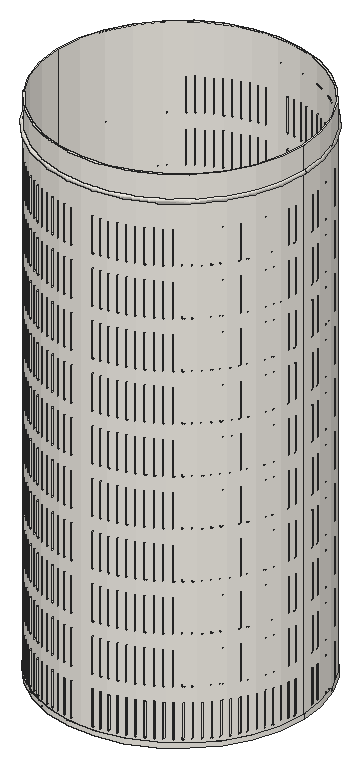
Revit family "Air Terminals_IQA", category Air Terminals, Revit 2017 (continued)
Definition of nested family "Void 6"
  Forms (mm)
    Extrusion 29, void
      sketch origin (0.004, -0.002, 600) x (0.398133, 0.917328, 0) y (0, 0, 1)
        loop
          arc (2.5, 100) -> (0, 102.5) -> (-2.5, 100) r 2.5
          line (-2.5, 100) -> (-2.5, 20)
          arc (-2.5, 20) -> (0, 17.5) -> (2.5, 20) r 2.5
          line (2.5, 20) -> (2.5, 100)
      from -319.154 to 326.21
    Extrusion 30, void
      sketch origin (0.004, -0.001, 600) x (0.297503, 0.954721, 0) y (0, 0, 1)
        loop
          arc (2.5, 100) -> (0, 102.5) -> (-2.5, 100) r 2.5
          line (-2.5, 100) -> (-2.5, 20)
          arc (-2.5, 20) -> (0, 17.5) -> (2.5, 20) r 2.5
          line (2.5, 20) -> (2.5, 100)
      from -319.154 to 326.21
    Extrusion 31, void
      sketch origin (0.004, -0.001, 600) x (0.193444, 0.981111, 0) y (0, 0, 1)
        loop
          arc (2.5, 100) -> (0, 102.5) -> (-2.5, 100) r 2.5
          line (-2.5, 100) -> (-2.5, 20)
          arc (-2.5, 20) -> (0, 17.5) -> (2.5, 20) r 2.5
          line (2.5, 20) -> (2.5, 100)
      from -319.154 to 326.21
  Cuts and joins
    Extrusion 4, Extrusion 5, Extrusion 6, Extrusion 7, Extrusion 8, Extrusion 9, Extrusion 10, Extrusion 11, Extrusion 12, Extrusion 13, Extrusion 14, Extrusion 15, Extrusion 16, Extrusion 17, Extrusion 18, Extrusion 19, Extrusion 20, Extrusion 21, Extrusion 22, Extrusion 23, Extrusion 24, Extrusion 25, Extrusion 26, Extrusion 27, Extrusion 28, Extrusion 29, Extrusion 30, Extrusion 31 cuts Extrusion 1
  Dimensions and locks
    "Maß A": plane 4 to level
    "Maß ØD-4": diameter of Extrusion 1 sketch curve
    "Maß ØD": diameter of Extrusion 1 sketch curve
    aligned and locked: level to plane 2
    aligned and locked: plane 4 to Extrusion 1
  Automatic sketch dimensions
    Extrusion 2 sketch curve to Extrusion 2 sketch curve = 80.0 mm
    Extrusion 2 sketch curve to Extrusion 2 sketch curve = 2.5 mm
    Extrusion 3 sketch curve to Extrusion 3 sketch curve = 80.0 mm
    Extrusion 3 sketch curve to Extrusion 3 sketch curve = 2.5 mm
    Extrusion 4 sketch curve to Extrusion 4 sketch curve = 2.5 mm
    Extrusion 4 sketch curve to Extrusion 4 sketch curve = 80.0 mm
    Extrusion 5 sketch curve to Extrusion 5 sketch curve = 2.5 mm
    Extrusion 5 sketch curve to Extrusion 5 sketch curve = 80.0 mm
    Extrusion 6 sketch curve to Extrusion 6 sketch curve = 2.5 mm
    Extrusion 6 sketch curve to Extrusion 6 sketch curve = 80.0 mm
    Extrusion 7 sketch curve to Extrusion 7 sketch curve = 2.5 mm
    Extrusion 7 sketch curve to Extrusion 7 sketch curve = 80.0 mm
    Extrusion 8 sketch curve to Extrusion 8 sketch curve = 2.5 mm
    Extrusion 8 sketch curve to Extrusion 8 sketch curve = 80.0 mm
    Extrusion 9 sketch curve to Extrusion 9 sketch curve = 2.5 mm
    Extrusion 9 sketch curve to Extrusion 9 sketch curve = 80.0 mm
    Extrusion 10 sketch curve to Extrusion 10 sketch curve = 2.5 mm
    Extrusion 10 sketch curve to Extrusion 10 sketch curve = 80.0 mm
    Extrusion 11 sketch curve to Extrusion 11 sketch curve = 2.5 mm
    Extrusion 11 sketch curve to Extrusion 11 sketch curve = 80.0 mm
    Extrusion 12 sketch curve to Extrusion 12 sketch curve = 2.5 mm
    Extrusion 12 sketch curve to Extrusion 12 sketch curve = 80.0 mm
    Extrusion 13 sketch curve to Extrusion 13 sketch curve = 2.5 mm
    Extrusion 13 sketch curve to Extrusion 13 sketch curve = 80.0 mm
    Extrusion 14 sketch curve to Extrusion 14 sketch curve = 2.5 mm
    Extrusion 14 sketch curve to Extrusion 14 sketch curve = 80.0 mm
    Extrusion 15 sketch curve to Extrusion 15 sketch curve = 2.5 mm
    Extrusion 15 sketch curve to Extrusion 15 sketch curve = 80.0 mm
    Extrusion 16 sketch curve to Extrusion 16 sketch curve = 2.5 mm
    Extrusion 16 sketch curve to Extrusion 16 sketch curve = 80.0 mm
    Extrusion 17 sketch curve to Extrusion 17 sketch curve = 2.5 mm
    Extrusion 17 sketch curve to Extrusion 17 sketch curve = 80.0 mm
    Extrusion 18 sketch curve to Extrusion 18 sketch curve = 2.5 mm
    Extrusion 18 sketch curve to Extrusion 18 sketch curve = 80.0 mm
    Extrusion 19 sketch curve to Extrusion 19 sketch curve = 2.5 mm
    Extrusion 19 sketch curve to Extrusion 19 sketch curve = 80.0 mm
    Extrusion 20 sketch curve to Extrusion 20 sketch curve = 2.5 mm
    Extrusion 20 sketch curve to Extrusion 20 sketch curve = 80.0 mm
    Extrusion 21 sketch curve to Extrusion 21 sketch curve = 2.5 mm
    Extrusion 21 sketch curve to Extrusion 21 sketch curve = 80.0 mm
    Extrusion 22 sketch curve to Extrusion 22 sketch curve = 2.5 mm
    Extrusion 22 sketch curve to Extrusion 22 sketch curve = 80.0 mm
    Extrusion 23 sketch curve to Extrusion 23 sketch curve = 2.5 mm
    Extrusion 23 sketch curve to Extrusion 23 sketch curve = 80.0 mm
    Extrusion 24 sketch curve to Extrusion 24 sketch curve = 2.5 mm
    Extrusion 24 sketch curve to Extrusion 24 sketch curve = 80.0 mm
    Extrusion 25 sketch curve to Extrusion 25 sketch curve = 2.5 mm
    Extrusion 25 sketch curve to Extrusion 25 sketch curve = 80.0 mm
    Extrusion 26 sketch curve to Extrusion 26 sketch curve = 2.5 mm
    Extrusion 26 sketch curve to Extrusion 26 sketch curve = 80.0 mm
    Extrusion 27 sketch curve to Extrusion 27 sketch curve = 2.5 mm
    Extrusion 27 sketch curve to Extrusion 27 sketch curve = 80.0 mm
    Extrusion 28 sketch curve to Extrusion 28 sketch curve = 2.5 mm
    Extrusion 28 sketch curve to Extrusion 28 sketch curve = 80.0 mm
    Extrusion 29 sketch curve to Extrusion 29 sketch curve = 2.5 mm
    Extrusion 29 sketch curve to Extrusion 29 sketch curve = 80.0 mm
    Extrusion 30 sketch curve to Extrusion 30 sketch curve = 2.5 mm
    Extrusion 30 sketch curve to Extrusion 30 sketch curve = 80.0 mm
    Extrusion 31 sketch curve to Extrusion 31 sketch curve = 2.5 mm
    Extrusion 31 sketch curve to Extrusion 31 sketch curve = 80.0 mm
    Extrusion 1 sketch curve to Extrusion 1 sketch curve = 0.0 mm  (x2)
    plane 1 "Center (Front/Back)" to Extrusion 1 sketch curve = 0.0 mm
    Extrusion 1 sketch curve to plane 3 "Center (Left/Right)" = 0.0 mm
Definition of nested family "Void 7"
  Parameters (values of type "Void 7")
    Void 7 = no
    Maß ØD-4 = Maß ØD - 6.0 mm  # 242.0 mm
    Maß ØD = 248.0 mm
    Maß A = 1059.5 mm
    Array radial = 14
  Reference planes
    plane 1 "Center (Front/Back)": y = 0
    plane 2: z = 0
    plane 3 "Center (Left/Right)": x = 0
    plane 4: z = 1059.5
  Forms (mm)
    Extrusion 1, solid
      sketch origin (0, 0, 0) x (1, 0, 0) y (0, 1, 0)
        loop
          circle (0, 0) r 124
        loop
          circle (0, 0) r 121
      from 0 to 1059.5
    Extrusion 2, void
      sketch origin (0, -0.004, 720) x (0.996195, -0.087156, 0) y (0, 0, 1)
        loop
          arc (2.5, 100) -> (0, 102.5) -> (-2.5, 100) r 2.5
          line (-2.5, 100) -> (-2.5, 20)
          arc (-2.5, 20) -> (0, 17.5) -> (2.5, 20) r 2.5
          line (2.5, 20) -> (2.5, 100)
      from -319.154 to 326.21
    Extrusion 3, void
      sketch origin (0, -0.004, 720) x (0.996195, 0.087156, 0) y (0, 0, 1)
        loop
          arc (2.5, 100) -> (0, 102.5) -> (-2.5, 100) r 2.5
          line (-2.5, 100) -> (-2.5, 20)
          arc (-2.5, 20) -> (0, 17.5) -> (2.5, 20) r 2.5
          line (2.5, 20) -> (2.5, 100)
      from -319.154 to 326.21
    Extrusion 4, void
      sketch origin (-0.004, 0, 720) x (0.087156, -0.996195, 0) y (0, 0, 1)
        loop
          arc (2.5, 100) -> (0, 102.5) -> (-2.5, 100) r 2.5
          line (-2.5, 100) -> (-2.5, 20)
          arc (-2.5, 20) -> (0, 17.5) -> (2.5, 20) r 2.5
          line (2.5, 20) -> (2.5, 100)
      from -319.154 to 326.21
    Extrusion 5, void
      sketch origin (-0.001, -0.004, 720) x (0.981111, -0.193444, 0) y (0, 0, 1)
        loop
          arc (2.5, 100) -> (0, 102.5) -> (-2.5, 100) r 2.5
          line (-2.5, 100) -> (-2.5, 20)
          arc (-2.5, 20) -> (0, 17.5) -> (2.5, 20) r 2.5
          line (2.5, 20) -> (2.5, 100)
      from -319.154 to 326.21
    Extrusion 6, void
      sketch origin (-0.001, -0.004, 720) x (0.954721, -0.297503, 0) y (0, 0, 1)
        loop
          arc (2.5, 100) -> (0, 102.5) -> (-2.5, 100) r 2.5
          line (-2.5, 100) -> (-2.5, 20)
          arc (-2.5, 20) -> (0, 17.5) -> (2.5, 20) r 2.5
          line (2.5, 20) -> (2.5, 100)
      from -319.154 to 326.21
    Extrusion 7, void
      sketch origin (-0.002, -0.004, 720) x (0.917328, -0.398133, 0) y (0, 0, 1)
        loop
          arc (2.5, 100) -> (0, 102.5) -> (-2.5, 100) r 2.5
          line (-2.5, 100) -> (-2.5, 20)
          arc (-2.5, 20) -> (0, 17.5) -> (2.5, 20) r 2.5
          line (2.5, 20) -> (2.5, 100)
      from -319.154 to 326.21
    Extrusion 8, void
      sketch origin (-0.002, -0.004, 720) x (0.869362, -0.494175, 0) y (0, 0, 1)
        loop
          arc (2.5, 100) -> (0, 102.5) -> (-2.5, 100) r 2.5
          line (-2.5, 100) -> (-2.5, 20)
          arc (-2.5, 20) -> (0, 17.5) -> (2.5, 20) r 2.5
          line (2.5, 20) -> (2.5, 100)
      from -319.154 to 326.21
    Extrusion 9, void
      sketch origin (-0.002, -0.003, 720) x (0.811378, -0.584522, 0) y (0, 0, 1)
        loop
          arc (2.5, 100) -> (0, 102.5) -> (-2.5, 100) r 2.5
          line (-2.5, 100) -> (-2.5, 20)
          arc (-2.5, 20) -> (0, 17.5) -> (2.5, 20) r 2.5
          line (2.5, 20) -> (2.5, 100)
      from -319.154 to 326.21
    Extrusion 10, void
      sketch origin (-0.003, -0.003, 720) x (0.744043, -0.668132, 0) y (0, 0, 1)
        loop
          arc (2.5, 100) -> (0, 102.5) -> (-2.5, 100) r 2.5
          line (-2.5, 100) -> (-2.5, 20)
          arc (-2.5, 20) -> (0, 17.5) -> (2.5, 20) r 2.5
          line (2.5, 20) -> (2.5, 100)
      from -319.154 to 326.21
    Extrusion 11, void
      sketch origin (-0.003, -0.003, 720) x (0.668132, -0.744043, 0) y (0, 0, 1)
        loop
          arc (2.5, 100) -> (0, 102.5) -> (-2.5, 100) r 2.5
          line (-2.5, 100) -> (-2.5, 20)
          arc (-2.5, 20) -> (0, 17.5) -> (2.5, 20) r 2.5
          line (2.5, 20) -> (2.5, 100)
      from -319.154 to 326.21
    Extrusion 12, void
      sketch origin (-0.003, -0.002, 720) x (0.584522, -0.811378, 0) y (0, 0, 1)
        loop
          arc (2.5, 100) -> (0, 102.5) -> (-2.5, 100) r 2.5
          line (-2.5, 100) -> (-2.5, 20)
          arc (-2.5, 20) -> (0, 17.5) -> (2.5, 20) r 2.5
          line (2.5, 20) -> (2.5, 100)
      from -319.154 to 326.21
    Extrusion 13, void
      sketch origin (-0.004, -0.002, 720) x (0.494175, -0.869362, 0) y (0, 0, 1)
        loop
          arc (2.5, 100) -> (0, 102.5) -> (-2.5, 100) r 2.5
          line (-2.5, 100) -> (-2.5, 20)
          arc (-2.5, 20) -> (0, 17.5) -> (2.5, 20) r 2.5
          line (2.5, 20) -> (2.5, 100)
      from -319.154 to 326.21
    Extrusion 14, void
      sketch origin (-0.004, -0.002, 720) x (0.398133, -0.917328, 0) y (0, 0, 1)
        loop
          arc (2.5, 100) -> (0, 102.5) -> (-2.5, 100) r 2.5
          line (-2.5, 100) -> (-2.5, 20)
          arc (-2.5, 20) -> (0, 17.5) -> (2.5, 20) r 2.5
          line (2.5, 20) -> (2.5, 100)
      from -319.154 to 326.21
    Extrusion 15, void
      sketch origin (-0.004, -0.001, 720) x (0.297503, -0.954721, 0) y (0, 0, 1)
        loop
          arc (2.5, 100) -> (0, 102.5) -> (-2.5, 100) r 2.5
          line (-2.5, 100) -> (-2.5, 20)
          arc (-2.5, 20) -> (0, 17.5) -> (2.5, 20) r 2.5
          line (2.5, 20) -> (2.5, 100)
      from -319.154 to 326.21
    Extrusion 16, void
      sketch origin (-0.004, -0.001, 720) x (0.193444, -0.981111, 0) y (0, 0, 1)
        loop
          arc (2.5, 100) -> (0, 102.5) -> (-2.5, 100) r 2.5
          line (-2.5, 100) -> (-2.5, 20)
          arc (-2.5, 20) -> (0, 17.5) -> (2.5, 20) r 2.5
          line (2.5, 20) -> (2.5, 100)
      from -319.154 to 326.21
    Extrusion 17, void
      sketch origin (0.004, 0, 720) x (0.087156, 0.996195, 0) y (0, 0, 1)
        loop
          arc (2.5, 100) -> (0, 102.5) -> (-2.5, 100) r 2.5
          line (-2.5, 100) -> (-2.5, 20)
          arc (-2.5, 20) -> (0, 17.5) -> (2.5, 20) r 2.5
          line (2.5, 20) -> (2.5, 100)
      from -319.154 to 326.21
    Extrusion 18, void
      sketch origin (0.001, -0.004, 720) x (0.981111, 0.193444, 0) y (0, 0, 1)
        loop
          arc (2.5, 100) -> (0, 102.5) -> (-2.5, 100) r 2.5
          line (-2.5, 100) -> (-2.5, 20)
          arc (-2.5, 20) -> (0, 17.5) -> (2.5, 20) r 2.5
          line (2.5, 20) -> (2.5, 100)
      from -319.154 to 326.21
    Extrusion 19, void
      sketch origin (0.001, -0.004, 720) x (0.954721, 0.297503, 0) y (0, 0, 1)
        loop
          arc (2.5, 100) -> (0, 102.5) -> (-2.5, 100) r 2.5
          line (-2.5, 100) -> (-2.5, 20)
          arc (-2.5, 20) -> (0, 17.5) -> (2.5, 20) r 2.5
          line (2.5, 20) -> (2.5, 100)
      from -319.154 to 326.21
    Extrusion 20, void
      sketch origin (0.002, -0.004, 720) x (0.917328, 0.398133, 0) y (0, 0, 1)
        loop
          arc (2.5, 100) -> (0, 102.5) -> (-2.5, 100) r 2.5
          line (-2.5, 100) -> (-2.5, 20)
          arc (-2.5, 20) -> (0, 17.5) -> (2.5, 20) r 2.5
          line (2.5, 20) -> (2.5, 100)
      from -319.154 to 326.21
    Extrusion 21, void
      sketch origin (0.002, -0.004, 720) x (0.869362, 0.494175, 0) y (0, 0, 1)
        loop
          arc (2.5, 100) -> (0, 102.5) -> (-2.5, 100) r 2.5
          line (-2.5, 100) -> (-2.5, 20)
          arc (-2.5, 20) -> (0, 17.5) -> (2.5, 20) r 2.5
          line (2.5, 20) -> (2.5, 100)
      from -319.154 to 326.21
    Extrusion 22, void
      sketch origin (0.002, -0.003, 720) x (0.811378, 0.584522, 0) y (0, 0, 1)
        loop
          arc (2.5, 100) -> (0, 102.5) -> (-2.5, 100) r 2.5
          line (-2.5, 100) -> (-2.5, 20)
          arc (-2.5, 20) -> (0, 17.5) -> (2.5, 20) r 2.5
          line (2.5, 20) -> (2.5, 100)
      from -319.154 to 326.21
    Extrusion 23, void
      sketch origin (0.003, -0.003, 720) x (0.744043, 0.668132, 0) y (0, 0, 1)
        loop
          arc (2.5, 100) -> (0, 102.5) -> (-2.5, 100) r 2.5
          line (-2.5, 100) -> (-2.5, 20)
          arc (-2.5, 20) -> (0, 17.5) -> (2.5, 20) r 2.5
          line (2.5, 20) -> (2.5, 100)
      from -319.154 to 326.21
    Extrusion 24, void
      sketch origin (0.003, -0.003, 720) x (0.668132, 0.744043, 0) y (0, 0, 1)
        loop
          arc (2.5, 100) -> (0, 102.5) -> (-2.5, 100) r 2.5
          line (-2.5, 100) -> (-2.5, 20)
          arc (-2.5, 20) -> (0, 17.5) -> (2.5, 20) r 2.5
          line (2.5, 20) -> (2.5, 100)
      from -319.154 to 326.21
    Extrusion 25, void
      sketch origin (0.003, -0.002, 720) x (0.584522, 0.811378, 0) y (0, 0, 1)
        loop
          arc (2.5, 100) -> (0, 102.5) -> (-2.5, 100) r 2.5
          line (-2.5, 100) -> (-2.5, 20)
          arc (-2.5, 20) -> (0, 17.5) -> (2.5, 20) r 2.5
          line (2.5, 20) -> (2.5, 100)
      from -319.154 to 326.21
    Extrusion 26, void
      sketch origin (0.004, -0.002, 720) x (0.494175, 0.869362, 0) y (0, 0, 1)
        loop
          arc (2.5, 100) -> (0, 102.5) -> (-2.5, 100) r 2.5
          line (-2.5, 100) -> (-2.5, 20)
          arc (-2.5, 20) -> (0, 17.5) -> (2.5, 20) r 2.5
          line (2.5, 20) -> (2.5, 100)
      from -319.154 to 326.21
    Extrusion 27, void
      sketch origin (0.004, -0.002, 720) x (0.398133, 0.917328, 0) y (0, 0, 1)
        loop
          arc (2.5, 100) -> (0, 102.5) -> (-2.5, 100) r 2.5
          line (-2.5, 100) -> (-2.5, 20)
          arc (-2.5, 20) -> (0, 17.5) -> (2.5, 20) r 2.5
          line (2.5, 20) -> (2.5, 100)
      from -319.154 to 326.21
    Extrusion 28, void
      sketch origin (0.004, -0.001, 720) x (0.297503, 0.954721, 0) y (0, 0, 1)
        loop
          arc (2.5, 100) -> (0, 102.5) -> (-2.5, 100) r 2.5
          line (-2.5, 100) -> (-2.5, 20)
          arc (-2.5, 20) -> (0, 17.5) -> (2.5, 20) r 2.5
          line (2.5, 20) -> (2.5, 100)
      from -319.154 to 326.21
    Extrusion 29, void
      sketch origin (0.004, -0.001, 720) x (0.193444, 0.981111, 0) y (0, 0, 1)
        loop
          arc (2.5, 100) -> (0, 102.5) -> (-2.5, 100) r 2.5
          line (-2.5, 100) -> (-2.5, 20)
          arc (-2.5, 20) -> (0, 17.5) -> (2.5, 20) r 2.5
          line (2.5, 20) -> (2.5, 100)
      from -319.154 to 326.21
  Cuts and joins
    Extrusion 2, Extrusion 3, Extrusion 4, Extrusion 5, Extrusion 6, Extrusion 7, Extrusion 8, Extrusion 9, Extrusion 10, Extrusion 11, Extrusion 12, Extrusion 13, Extrusion 14, Extrusion 15, Extrusion 16, Extrusion 17, Extrusion 18, Extrusion 19, Extrusion 20, Extrusion 21, Extrusion 22, Extrusion 23, Extrusion 24, Extrusion 25, Extrusion 26, Extrusion 27, Extrusion 28, Extrusion 29 cuts Extrusion 1
  Dimensions and locks
    "Maß A": plane 4 to level
    "Maß ØD-4": diameter of Extrusion 1 sketch curve
    "Maß ØD": diameter of Extrusion 1 sketch curve
    aligned and locked: level to plane 2
    aligned and locked: plane 4 to Extrusion 1
  Automatic sketch dimensions
    Extrusion 2 sketch curve to Extrusion 2 sketch curve = 2.5 mm
    Extrusion 2 sketch curve to Extrusion 2 sketch curve = 80.0 mm
    Extrusion 3 sketch curve to Extrusion 3 sketch curve = 2.5 mm
    Extrusion 3 sketch curve to Extrusion 3 sketch curve = 80.0 mm
    Extrusion 4 sketch curve to Extrusion 4 sketch curve = 2.5 mm
    Extrusion 4 sketch curve to Extrusion 4 sketch curve = 80.0 mm
    Extrusion 5 sketch curve to Extrusion 5 sketch curve = 2.5 mm
    Extrusion 5 sketch curve to Extrusion 5 sketch curve = 80.0 mm
    Extrusion 6 sketch curve to Extrusion 6 sketch curve = 2.5 mm
    Extrusion 6 sketch curve to Extrusion 6 sketch curve = 80.0 mm
    Extrusion 7 sketch curve to Extrusion 7 sketch curve = 2.5 mm
    Extrusion 7 sketch curve to Extrusion 7 sketch curve = 80.0 mm
    Extrusion 8 sketch curve to Extrusion 8 sketch curve = 2.5 mm
    Extrusion 8 sketch curve to Extrusion 8 sketch curve = 80.0 mm
    Extrusion 9 sketch curve to Extrusion 9 sketch curve = 2.5 mm
    Extrusion 9 sketch curve to Extrusion 9 sketch curve = 80.0 mm
    Extrusion 10 sketch curve to Extrusion 10 sketch curve = 2.5 mm
    Extrusion 10 sketch curve to Extrusion 10 sketch curve = 80.0 mm
    Extrusion 11 sketch curve to Extrusion 11 sketch curve = 2.5 mm
    Extrusion 11 sketch curve to Extrusion 11 sketch curve = 80.0 mm
    Extrusion 12 sketch curve to Extrusion 12 sketch curve = 2.5 mm
    Extrusion 12 sketch curve to Extrusion 12 sketch curve = 80.0 mm
    Extrusion 13 sketch curve to Extrusion 13 sketch curve = 2.5 mm
    Extrusion 13 sketch curve to Extrusion 13 sketch curve = 80.0 mm
    Extrusion 14 sketch curve to Extrusion 14 sketch curve = 2.5 mm
    Extrusion 14 sketch curve to Extrusion 14 sketch curve = 80.0 mm
    Extrusion 15 sketch curve to Extrusion 15 sketch curve = 2.5 mm
    Extrusion 15 sketch curve to Extrusion 15 sketch curve = 80.0 mm
    Extrusion 16 sketch curve to Extrusion 16 sketch curve = 2.5 mm
    Extrusion 16 sketch curve to Extrusion 16 sketch curve = 80.0 mm
    Extrusion 17 sketch curve to Extrusion 17 sketch curve = 2.5 mm
    Extrusion 17 sketch curve to Extrusion 17 sketch curve = 80.0 mm
    Extrusion 18 sketch curve to Extrusion 18 sketch curve = 2.5 mm
    Extrusion 18 sketch curve to Extrusion 18 sketch curve = 80.0 mm
    Extrusion 19 sketch curve to Extrusion 19 sketch curve = 2.5 mm
    Extrusion 19 sketch curve to Extrusion 19 sketch curve = 80.0 mm
    Extrusion 20 sketch curve to Extrusion 20 sketch curve = 2.5 mm
    Extrusion 20 sketch curve to Extrusion 20 sketch curve = 80.0 mm
    Extrusion 21 sketch curve to Extrusion 21 sketch curve = 2.5 mm
    Extrusion 21 sketch curve to Extrusion 21 sketch curve = 80.0 mm
    Extrusion 22 sketch curve to Extrusion 22 sketch curve = 2.5 mm
    Extrusion 22 sketch curve to Extrusion 22 sketch curve = 80.0 mm
    Extrusion 23 sketch curve to Extrusion 23 sketch curve = 2.5 mm
    Extrusion 23 sketch curve to Extrusion 23 sketch curve = 80.0 mm
    Extrusion 24 sketch curve to Extrusion 24 sketch curve = 2.5 mm
    Extrusion 24 sketch curve to Extrusion 24 sketch curve = 80.0 mm
    Extrusion 25 sketch curve to Extrusion 25 sketch curve = 2.5 mm
    Extrusion 25 sketch curve to Extrusion 25 sketch curve = 80.0 mm
    Extrusion 26 sketch curve to Extrusion 26 sketch curve = 2.5 mm
    Extrusion 26 sketch curve to Extrusion 26 sketch curve = 80.0 mm
    Extrusion 27 sketch curve to Extrusion 27 sketch curve = 2.5 mm
    Extrusion 27 sketch curve to Extrusion 27 sketch curve = 80.0 mm
    Extrusion 28 sketch curve to Extrusion 28 sketch curve = 2.5 mm
    Extrusion 28 sketch curve to Extrusion 28 sketch curve = 80.0 mm
    Extrusion 29 sketch curve to Extrusion 29 sketch curve = 2.5 mm
    Extrusion 29 sketch curve to Extrusion 29 sketch curve = 80.0 mm
    Extrusion 1 sketch curve to Extrusion 1 sketch curve = 0.0 mm  (x2)
    plane 1 "Center (Front/Back)" to Extrusion 1 sketch curve = 0.0 mm
    Extrusion 1 sketch curve to plane 3 "Center (Left/Right)" = 0.0 mm
Definition of nested family "Void 8"
  Parameters (values of type "Void 8")
    Void 8 = no
    Maß ØD-4 = Maß ØD - 6.0 mm  # 242.0 mm
    Maß ØD = 248.0 mm
    Maß A = 1059.5 mm
    Array radial = 14
  Reference planes
    plane 1 "Center (Front/Back)": y = 0
    plane 2: z = 0
    plane 3 "Center (Left/Right)": x = 0
    plane 4: z = 1059.5
  Forms (mm)
    Extrusion 1, solid
      sketch origin (0, 0, 0) x (1, 0, 0) y (0, 1, 0)
        loop
          circle (0, 0) r 124
        loop
          circle (0, 0) r 121
      from 0 to 1059.5
    Extrusion 2, void
      sketch origin (0, -0.004, 840) x (0.996195, -0.087156, 0) y (0, 0, 1)
        loop
          arc (2.5, 100) -> (0, 102.5) -> (-2.5, 100) r 2.5
          line (-2.5, 100) -> (-2.5, 20)
          arc (-2.5, 20) -> (0, 17.5) -> (2.5, 20) r 2.5
          line (2.5, 20) -> (2.5, 100)
      from -319.154 to 326.21
    Extrusion 3, void
      sketch origin (0, -0.004, 840) x (0.996195, 0.087156, 0) y (0, 0, 1)
        loop
          arc (2.5, 100) -> (0, 102.5) -> (-2.5, 100) r 2.5
          line (-2.5, 100) -> (-2.5, 20)
          arc (-2.5, 20) -> (0, 17.5) -> (2.5, 20) r 2.5
          line (2.5, 20) -> (2.5, 100)
      from -319.154 to 326.21
    Extrusion 4, void
      sketch origin (-0.004, 0, 840) x (0.087156, -0.996195, 0) y (0, 0, 1)
        loop
          arc (2.5, 100) -> (0, 102.5) -> (-2.5, 100) r 2.5
          line (-2.5, 100) -> (-2.5, 20)
          arc (-2.5, 20) -> (0, 17.5) -> (2.5, 20) r 2.5
          line (2.5, 20) -> (2.5, 100)
      from -319.154 to 326.21
    Extrusion 5, void
      sketch origin (-0.001, -0.004, 840) x (0.981111, -0.193444, 0) y (0, 0, 1)
        loop
          arc (2.5, 100) -> (0, 102.5) -> (-2.5, 100) r 2.5
          line (-2.5, 100) -> (-2.5, 20)
          arc (-2.5, 20) -> (0, 17.5) -> (2.5, 20) r 2.5
          line (2.5, 20) -> (2.5, 100)
      from -319.154 to 326.21
    Extrusion 6, void
      sketch origin (-0.001, -0.004, 840) x (0.954721, -0.297503, 0) y (0, 0, 1)
        loop
          arc (2.5, 100) -> (0, 102.5) -> (-2.5, 100) r 2.5
          line (-2.5, 100) -> (-2.5, 20)
          arc (-2.5, 20) -> (0, 17.5) -> (2.5, 20) r 2.5
          line (2.5, 20) -> (2.5, 100)
      from -319.154 to 326.21
    Extrusion 7, void
      sketch origin (-0.002, -0.004, 840) x (0.917328, -0.398133, 0) y (0, 0, 1)
        loop
          arc (2.5, 100) -> (0, 102.5) -> (-2.5, 100) r 2.5
          line (-2.5, 100) -> (-2.5, 20)
          arc (-2.5, 20) -> (0, 17.5) -> (2.5, 20) r 2.5
          line (2.5, 20) -> (2.5, 100)
      from -319.154 to 326.21
    Extrusion 8, void
      sketch origin (-0.002, -0.004, 840) x (0.869362, -0.494175, 0) y (0, 0, 1)
        loop
          arc (2.5, 100) -> (0, 102.5) -> (-2.5, 100) r 2.5
          line (-2.5, 100) -> (-2.5, 20)
          arc (-2.5, 20) -> (0, 17.5) -> (2.5, 20) r 2.5
          line (2.5, 20) -> (2.5, 100)
      from -319.154 to 326.21
    Extrusion 9, void
      sketch origin (-0.002, -0.003, 840) x (0.811378, -0.584522, 0) y (0, 0, 1)
        loop
          arc (2.5, 100) -> (0, 102.5) -> (-2.5, 100) r 2.5
          line (-2.5, 100) -> (-2.5, 20)
          arc (-2.5, 20) -> (0, 17.5) -> (2.5, 20) r 2.5
          line (2.5, 20) -> (2.5, 100)
      from -319.154 to 326.21
    Extrusion 10, void
      sketch origin (-0.003, -0.003, 840) x (0.744043, -0.668132, 0) y (0, 0, 1)
        loop
          arc (2.5, 100) -> (0, 102.5) -> (-2.5, 100) r 2.5
          line (-2.5, 100) -> (-2.5, 20)
          arc (-2.5, 20) -> (0, 17.5) -> (2.5, 20) r 2.5
          line (2.5, 20) -> (2.5, 100)
      from -319.154 to 326.21
    Extrusion 11, void
      sketch origin (-0.003, -0.003, 840) x (0.668132, -0.744043, 0) y (0, 0, 1)
        loop
          arc (2.5, 100) -> (0, 102.5) -> (-2.5, 100) r 2.5
          line (-2.5, 100) -> (-2.5, 20)
          arc (-2.5, 20) -> (0, 17.5) -> (2.5, 20) r 2.5
          line (2.5, 20) -> (2.5, 100)
      from -319.154 to 326.21
    Extrusion 12, void
      sketch origin (-0.003, -0.002, 840) x (0.584522, -0.811378, 0) y (0, 0, 1)
        loop
          arc (2.5, 100) -> (0, 102.5) -> (-2.5, 100) r 2.5
          line (-2.5, 100) -> (-2.5, 20)
          arc (-2.5, 20) -> (0, 17.5) -> (2.5, 20) r 2.5
          line (2.5, 20) -> (2.5, 100)
      from -319.154 to 326.21
    Extrusion 13, void
      sketch origin (-0.004, -0.002, 840) x (0.494175, -0.869362, 0) y (0, 0, 1)
        loop
          arc (2.5, 100) -> (0, 102.5) -> (-2.5, 100) r 2.5
          line (-2.5, 100) -> (-2.5, 20)
          arc (-2.5, 20) -> (0, 17.5) -> (2.5, 20) r 2.5
          line (2.5, 20) -> (2.5, 100)
      from -319.154 to 326.21
    Extrusion 14, void
      sketch origin (-0.004, -0.002, 840) x (0.398133, -0.917328, 0) y (0, 0, 1)
        loop
          arc (2.5, 100) -> (0, 102.5) -> (-2.5, 100) r 2.5
          line (-2.5, 100) -> (-2.5, 20)
          arc (-2.5, 20) -> (0, 17.5) -> (2.5, 20) r 2.5
          line (2.5, 20) -> (2.5, 100)
      from -319.154 to 326.21
    Extrusion 15, void
      sketch origin (-0.004, -0.001, 840) x (0.297503, -0.954721, 0) y (0, 0, 1)
        loop
          arc (2.5, 100) -> (0, 102.5) -> (-2.5, 100) r 2.5
          line (-2.5, 100) -> (-2.5, 20)
          arc (-2.5, 20) -> (0, 17.5) -> (2.5, 20) r 2.5
          line (2.5, 20) -> (2.5, 100)
      from -319.154 to 326.21
    Extrusion 16, void
      sketch origin (-0.004, -0.001, 840) x (0.193444, -0.981111, 0) y (0, 0, 1)
        loop
          arc (2.5, 100) -> (0, 102.5) -> (-2.5, 100) r 2.5
          line (-2.5, 100) -> (-2.5, 20)
          arc (-2.5, 20) -> (0, 17.5) -> (2.5, 20) r 2.5
          line (2.5, 20) -> (2.5, 100)
      from -319.154 to 326.21
    Extrusion 17, void
      sketch origin (0.004, 0, 840) x (0.087156, 0.996195, 0) y (0, 0, 1)
        loop
          arc (2.5, 100) -> (0, 102.5) -> (-2.5, 100) r 2.5
          line (-2.5, 100) -> (-2.5, 20)
          arc (-2.5, 20) -> (0, 17.5) -> (2.5, 20) r 2.5
          line (2.5, 20) -> (2.5, 100)
      from -319.154 to 326.21
    Extrusion 18, void
      sketch origin (0.001, -0.004, 840) x (0.981111, 0.193444, 0) y (0, 0, 1)
        loop
          arc (2.5, 100) -> (0, 102.5) -> (-2.5, 100) r 2.5
          line (-2.5, 100) -> (-2.5, 20)
          arc (-2.5, 20) -> (0, 17.5) -> (2.5, 20) r 2.5
          line (2.5, 20) -> (2.5, 100)
      from -319.154 to 326.21
    Extrusion 19, void
      sketch origin (0.001, -0.004, 840) x (0.954721, 0.297503, 0) y (0, 0, 1)
        loop
          arc (2.5, 100) -> (0, 102.5) -> (-2.5, 100) r 2.5
          line (-2.5, 100) -> (-2.5, 20)
          arc (-2.5, 20) -> (0, 17.5) -> (2.5, 20) r 2.5
          line (2.5, 20) -> (2.5, 100)
      from -319.154 to 326.21
    Extrusion 20, void
      sketch origin (0.002, -0.004, 840) x (0.917328, 0.398133, 0) y (0, 0, 1)
        loop
          arc (2.5, 100) -> (0, 102.5) -> (-2.5, 100) r 2.5
          line (-2.5, 100) -> (-2.5, 20)
          arc (-2.5, 20) -> (0, 17.5) -> (2.5, 20) r 2.5
          line (2.5, 20) -> (2.5, 100)
      from -319.154 to 326.21
    Extrusion 21, void
      sketch origin (0.002, -0.004, 840) x (0.869362, 0.494175, 0) y (0, 0, 1)
        loop
          arc (2.5, 100) -> (0, 102.5) -> (-2.5, 100) r 2.5
          line (-2.5, 100) -> (-2.5, 20)
          arc (-2.5, 20) -> (0, 17.5) -> (2.5, 20) r 2.5
          line (2.5, 20) -> (2.5, 100)
      from -319.154 to 326.21
    Extrusion 22, void
      sketch origin (0.002, -0.003, 840) x (0.811378, 0.584522, 0) y (0, 0, 1)
        loop
          arc (2.5, 100) -> (0, 102.5) -> (-2.5, 100) r 2.5
          line (-2.5, 100) -> (-2.5, 20)
          arc (-2.5, 20) -> (0, 17.5) -> (2.5, 20) r 2.5
          line (2.5, 20) -> (2.5, 100)
      from -319.154 to 326.21
    Extrusion 23, void
      sketch origin (0.003, -0.003, 840) x (0.744043, 0.668132, 0) y (0, 0, 1)
        loop
          arc (2.5, 100) -> (0, 102.5) -> (-2.5, 100) r 2.5
          line (-2.5, 100) -> (-2.5, 20)
          arc (-2.5, 20) -> (0, 17.5) -> (2.5, 20) r 2.5
          line (2.5, 20) -> (2.5, 100)
      from -319.154 to 326.21
    Extrusion 24, void
      sketch origin (0.003, -0.003, 840) x (0.668132, 0.744043, 0) y (0, 0, 1)
        loop
          arc (2.5, 100) -> (0, 102.5) -> (-2.5, 100) r 2.5
          line (-2.5, 100) -> (-2.5, 20)
          arc (-2.5, 20) -> (0, 17.5) -> (2.5, 20) r 2.5
          line (2.5, 20) -> (2.5, 100)
      from -319.154 to 326.21
    Extrusion 25, void
      sketch origin (0.003, -0.002, 840) x (0.584522, 0.811378, 0) y (0, 0, 1)
        loop
          arc (2.5, 100) -> (0, 102.5) -> (-2.5, 100) r 2.5
          line (-2.5, 100) -> (-2.5, 20)
          arc (-2.5, 20) -> (0, 17.5) -> (2.5, 20) r 2.5
          line (2.5, 20) -> (2.5, 100)
      from -319.154 to 326.21
    Extrusion 26, void
      sketch origin (0.004, -0.002, 840) x (0.494175, 0.869362, 0) y (0, 0, 1)
        loop
          arc (2.5, 100) -> (0, 102.5) -> (-2.5, 100) r 2.5
          line (-2.5, 100) -> (-2.5, 20)
          arc (-2.5, 20) -> (0, 17.5) -> (2.5, 20) r 2.5
          line (2.5, 20) -> (2.5, 100)
      from -319.154 to 326.21
    Extrusion 27, void
      sketch origin (0.004, -0.002, 840) x (0.398133, 0.917328, 0) y (0, 0, 1)
        loop
          arc (2.5, 100) -> (0, 102.5) -> (-2.5, 100) r 2.5
          line (-2.5, 100) -> (-2.5, 20)
          arc (-2.5, 20) -> (0, 17.5) -> (2.5, 20) r 2.5
          line (2.5, 20) -> (2.5, 100)
      from -319.154 to 326.21
    Extrusion 28, void
      sketch origin (0.004, -0.001, 840) x (0.297503, 0.954721, 0) y (0, 0, 1)
        loop
          arc (2.5, 100) -> (0, 102.5) -> (-2.5, 100) r 2.5
          line (-2.5, 100) -> (-2.5, 20)
          arc (-2.5, 20) -> (0, 17.5) -> (2.5, 20) r 2.5
          line (2.5, 20) -> (2.5, 100)
      from -319.154 to 326.21
    Extrusion 29, void
      sketch origin (0.004, -0.001, 840) x (0.193444, 0.981111, 0) y (0, 0, 1)
        loop
          arc (2.5, 100) -> (0, 102.5) -> (-2.5, 100) r 2.5
          line (-2.5, 100) -> (-2.5, 20)
          arc (-2.5, 20) -> (0, 17.5) -> (2.5, 20) r 2.5
          line (2.5, 20) -> (2.5, 100)
      from -319.154 to 326.21
  Cuts and joins
    Extrusion 2, Extrusion 3, Extrusion 4, Extrusion 5, Extrusion 6, Extrusion 7, Extrusion 8, Extrusion 9, Extrusion 10, Extrusion 11, Extrusion 12, Extrusion 13, Extrusion 14, Extrusion 15, Extrusion 16, Extrusion 17, Extrusion 18, Extrusion 19, Extrusion 20, Extrusion 21, Extrusion 22, Extrusion 23, Extrusion 24, Extrusion 25, Extrusion 26, Extrusion 27, Extrusion 28, Extrusion 29 cuts Extrusion 1
  Dimensions and locks
    "Maß A": plane 4 to level
    "Maß ØD-4": diameter of Extrusion 1 sketch curve
    "Maß ØD": diameter of Extrusion 1 sketch curve
    aligned and locked: level to plane 2
    aligned and locked: plane 4 to Extrusion 1
  Automatic sketch dimensions
    Extrusion 2 sketch curve to Extrusion 2 sketch curve = 2.5 mm
    Extrusion 2 sketch curve to Extrusion 2 sketch curve = 80.0 mm
    Extrusion 3 sketch curve to Extrusion 3 sketch curve = 2.5 mm
    Extrusion 3 sketch curve to Extrusion 3 sketch curve = 80.0 mm
    Extrusion 4 sketch curve to Extrusion 4 sketch curve = 2.5 mm
    Extrusion 4 sketch curve to Extrusion 4 sketch curve = 80.0 mm
    Extrusion 5 sketch curve to Extrusion 5 sketch curve = 2.5 mm
    Extrusion 5 sketch curve to Extrusion 5 sketch curve = 80.0 mm
    Extrusion 6 sketch curve to Extrusion 6 sketch curve = 2.5 mm
    Extrusion 6 sketch curve to Extrusion 6 sketch curve = 80.0 mm
    Extrusion 7 sketch curve to Extrusion 7 sketch curve = 2.5 mm
    Extrusion 7 sketch curve to Extrusion 7 sketch curve = 80.0 mm
    Extrusion 8 sketch curve to Extrusion 8 sketch curve = 2.5 mm
    Extrusion 8 sketch curve to Extrusion 8 sketch curve = 80.0 mm
    Extrusion 9 sketch curve to Extrusion 9 sketch curve = 2.5 mm
    Extrusion 9 sketch curve to Extrusion 9 sketch curve = 80.0 mm
    Extrusion 10 sketch curve to Extrusion 10 sketch curve = 2.5 mm
    Extrusion 10 sketch curve to Extrusion 10 sketch curve = 80.0 mm
    Extrusion 11 sketch curve to Extrusion 11 sketch curve = 2.5 mm
    Extrusion 11 sketch curve to Extrusion 11 sketch curve = 80.0 mm
    Extrusion 12 sketch curve to Extrusion 12 sketch curve = 2.5 mm
    Extrusion 12 sketch curve to Extrusion 12 sketch curve = 80.0 mm
    Extrusion 13 sketch curve to Extrusion 13 sketch curve = 2.5 mm
    Extrusion 13 sketch curve to Extrusion 13 sketch curve = 80.0 mm
    Extrusion 14 sketch curve to Extrusion 14 sketch curve = 2.5 mm
    Extrusion 14 sketch curve to Extrusion 14 sketch curve = 80.0 mm
    Extrusion 15 sketch curve to Extrusion 15 sketch curve = 2.5 mm
    Extrusion 15 sketch curve to Extrusion 15 sketch curve = 80.0 mm
    Extrusion 16 sketch curve to Extrusion 16 sketch curve = 2.5 mm
    Extrusion 16 sketch curve to Extrusion 16 sketch curve = 80.0 mm
    Extrusion 17 sketch curve to Extrusion 17 sketch curve = 2.5 mm
    Extrusion 17 sketch curve to Extrusion 17 sketch curve = 80.0 mm
    Extrusion 18 sketch curve to Extrusion 18 sketch curve = 2.5 mm
    Extrusion 18 sketch curve to Extrusion 18 sketch curve = 80.0 mm
    Extrusion 19 sketch curve to Extrusion 19 sketch curve = 2.5 mm
    Extrusion 19 sketch curve to Extrusion 19 sketch curve = 80.0 mm
    Extrusion 20 sketch curve to Extrusion 20 sketch curve = 2.5 mm
    Extrusion 20 sketch curve to Extrusion 20 sketch curve = 80.0 mm
    Extrusion 21 sketch curve to Extrusion 21 sketch curve = 2.5 mm
    Extrusion 21 sketch curve to Extrusion 21 sketch curve = 80.0 mm
    Extrusion 22 sketch curve to Extrusion 22 sketch curve = 2.5 mm
    Extrusion 22 sketch curve to Extrusion 22 sketch curve = 80.0 mm
    Extrusion 23 sketch curve to Extrusion 23 sketch curve = 2.5 mm
    Extrusion 23 sketch curve to Extrusion 23 sketch curve = 80.0 mm
    Extrusion 24 sketch curve to Extrusion 24 sketch curve = 2.5 mm
    Extrusion 24 sketch curve to Extrusion 24 sketch curve = 80.0 mm
    Extrusion 25 sketch curve to Extrusion 25 sketch curve = 2.5 mm
    Extrusion 25 sketch curve to Extrusion 25 sketch curve = 80.0 mm
    Extrusion 26 sketch curve to Extrusion 26 sketch curve = 2.5 mm
    Extrusion 26 sketch curve to Extrusion 26 sketch curve = 80.0 mm
    Extrusion 27 sketch curve to Extrusion 27 sketch curve = 2.5 mm
    Extrusion 27 sketch curve to Extrusion 27 sketch curve = 80.0 mm
    Extrusion 28 sketch curve to Extrusion 28 sketch curve = 2.5 mm
    Extrusion 28 sketch curve to Extrusion 28 sketch curve = 80.0 mm
    Extrusion 29 sketch curve to Extrusion 29 sketch curve = 2.5 mm
    Extrusion 29 sketch curve to Extrusion 29 sketch curve = 80.0 mm
    Extrusion 1 sketch curve to Extrusion 1 sketch curve = 0.0 mm  (x2)
    plane 1 "Center (Front/Back)" to Extrusion 1 sketch curve = 0.0 mm
    Extrusion 1 sketch curve to plane 3 "Center (Left/Right)" = 0.0 mm
Definition of nested family "L_up_down"
  Parameters (values of type "L_up_down")
    Maß ØD = 248.0 mm
    Maß A = 785.5 mm
  Reference planes
    plane 1 "Center (Front/Back)": y = 0
    plane 2: z = 0
    plane 3 "Center (Left/Right)": x = 0
  Forms (mm)
    Sweep 1, solid
      path origin (0, 0, 0) x (1, 0, 0) y (0, 1, 0)
        loop
          circle (0, 0) r 124
      profile "P_down : P_down" origin (0, 124, 0) x (0, -1, 0) y (0, 0, 1)
        loop
          line (0, 0) -> (0, 10) -> (-2, 10) -> (-2, -2) -> (20, -2) -> (20, 0) -> (0, 0)
    Sweep 2, solid
      path origin (0, 0, 0) x (1, 0, 0) y (0, 1, 0)
        loop
          circle (0, 0) r 124
      profile "P_up : P_up" origin (0, 124, 0) x (0, -1, 0) y (0, 0, 1)
        loop
          line (0, 720.5) -> (0, 730.5)
          arc (0, 730.5) -> (-5, 725.5) -> (0, 720.5) r 5
  Dimensions and locks
    "Maß ØD": diameter of Sweep 1 sketch curve
    "Maß ØD": diameter of Sweep 2 sketch curve
    aligned and locked: level to plane 2
  Automatic sketch dimensions
    plane 1 "Center (Front/Back)" to Sweep 1 sketch curve = 0.0 mm
    Sweep 1 sketch curve to plane 3 "Center (Left/Right)" = 0.0 mm
    plane 1 "Center (Front/Back)" to Sweep 2 sketch curve = 0.0 mm
    Sweep 2 sketch curve to plane 3 "Center (Left/Right)" = 0.0 mm
Definition of nested family "C_center"
  Parameters (values of type "C_center")
    Maß ØD-6 = Maß ØD - 6.0 mm  # 242.0 mm
    Maß ØD = 248.0 mm
    Maß A = 785.5 mm
  Reference planes
    plane 1 "Center (Front/Back)": y = 0
    plane 2: z = 0
    plane 3 "Center (Left/Right)": x = 0
  Forms (mm)
    Sweep 1, solid
      path origin (0, 0, 0) x (1, 0, 0) y (0, 1, 0)
        loop
          circle (0, 0) r 121
      profile "P_center : P_center" origin (0, 121, 0) x (0, -1, 0) y (0, 0, 1)
        loop
          line (10, 523.667) -> (0, 523.667) -> (0, 521.667) -> (10, 521.667)
          arc (10, 521.667) -> (36.87, 510.537) -> (48, 483.667) r 38
          line (48, 483.667) -> (48, 473.667) -> (50, 473.667) -> (50, 483.667)
          arc (50, 483.667) -> (38.284, 511.951) -> (10, 523.667) r 40
  Dimensions and locks
    "Maß ØD-6": diameter of Sweep 1 sketch curve
    aligned and locked: level to plane 2
  Automatic sketch dimensions
    plane 1 "Center (Front/Back)" to Sweep 1 sketch curve = 0.0 mm
    Sweep 1 sketch curve to plane 3 "Center (Left/Right)" = 0.0 mm
Definition of nested family "Medium_1"
  Parameters (values of type "Medium_1")
    Maß ØD-4 = Maß ØD - 6.0 mm  # 242.0 mm
    Maß ØD = 248.0 mm
    Maß A = 1059.5 mm
  Reference planes
    plane 1 "Center (Front/Back)": y = 0
    plane 2: z = 0
    plane 3 "Center (Left/Right)": x = 0
    plane 4: z = 1059.5
  Forms (mm)
    Extrusion 1, solid
      sketch origin (0, 0, 0) x (1, 0, 0) y (0, 1, 0)
        loop
          circle (0, 0) r 124
        loop
          circle (0, 0) r 121
      from 0 to 1059.5
  Dimensions and locks
    "Maß A": plane 4 to level
    "Maß ØD-4": diameter of Extrusion 1 sketch curve
    "Maß ØD": diameter of Extrusion 1 sketch curve
    aligned and locked: level to plane 2
    aligned and locked: plane 4 to Extrusion 1
  Automatic sketch dimensions
    Extrusion 1 sketch curve to Extrusion 1 sketch curve = 0.0 mm  (x2)
    plane 1 "Center (Front/Back)" to Extrusion 1 sketch curve = 0.0 mm
    Extrusion 1 sketch curve to plane 3 "Center (Left/Right)" = 0.0 mm
Definition of nested family "Void 9"
  Parameters (values of type "Void 9")
    Void 9 = no
    Maß ØD-4 = Maß ØD - 6.0 mm  # 242.0 mm
    Maß ØD = 248.0 mm
    Maß A = 1306.5 mm
    Array radial = 14
  Reference planes
    plane 1 "Center (Front/Back)": y = 0
    plane 2: z = 0
    plane 3 "Center (Left/Right)": x = 0
    plane 4: z = 1306.5
  Forms (mm)
    Extrusion 1, solid
      sketch origin (0, 0, 0) x (1, 0, 0) y (0, 1, 0)
        loop
          circle (0, 0) r 124
        loop
          circle (0, 0) r 121
      from 0 to 1306.5
    Extrusion 2, void
      sketch origin (0, -0.004, 960) x (0.996195, -0.087156, 0) y (0, 0, 1)
        loop
          arc (2.5, 100) -> (0, 102.5) -> (-2.5, 100) r 2.5
          line (-2.5, 100) -> (-2.5, 20)
          arc (-2.5, 20) -> (0, 17.5) -> (2.5, 20) r 2.5
          line (2.5, 20) -> (2.5, 100)
      from -319.154 to 326.21
    Extrusion 3, void
      sketch origin (0, -0.004, 960) x (0.996195, 0.087156, 0) y (0, 0, 1)
        loop
          arc (2.5, 100) -> (0, 102.5) -> (-2.5, 100) r 2.5
          line (-2.5, 100) -> (-2.5, 20)
          arc (-2.5, 20) -> (0, 17.5) -> (2.5, 20) r 2.5
          line (2.5, 20) -> (2.5, 100)
      from -319.154 to 326.21
    Extrusion 4, void
      sketch origin (-0.004, 0, 960) x (0.087156, -0.996195, 0) y (0, 0, 1)
        loop
          arc (2.5, 100) -> (0, 102.5) -> (-2.5, 100) r 2.5
          line (-2.5, 100) -> (-2.5, 20)
          arc (-2.5, 20) -> (0, 17.5) -> (2.5, 20) r 2.5
          line (2.5, 20) -> (2.5, 100)
      from -319.154 to 326.21
    Extrusion 5, void
      sketch origin (-0.001, -0.004, 960) x (0.981111, -0.193444, 0) y (0, 0, 1)
        loop
          arc (2.5, 100) -> (0, 102.5) -> (-2.5, 100) r 2.5
          line (-2.5, 100) -> (-2.5, 20)
          arc (-2.5, 20) -> (0, 17.5) -> (2.5, 20) r 2.5
          line (2.5, 20) -> (2.5, 100)
      from -319.154 to 326.21
    Extrusion 6, void
      sketch origin (-0.001, -0.004, 960) x (0.954721, -0.297503, 0) y (0, 0, 1)
        loop
          arc (2.5, 100) -> (0, 102.5) -> (-2.5, 100) r 2.5
          line (-2.5, 100) -> (-2.5, 20)
          arc (-2.5, 20) -> (0, 17.5) -> (2.5, 20) r 2.5
          line (2.5, 20) -> (2.5, 100)
      from -319.154 to 326.21
    Extrusion 7, void
      sketch origin (-0.002, -0.004, 960) x (0.917328, -0.398133, 0) y (0, 0, 1)
        loop
          arc (2.5, 100) -> (0, 102.5) -> (-2.5, 100) r 2.5
          line (-2.5, 100) -> (-2.5, 20)
          arc (-2.5, 20) -> (0, 17.5) -> (2.5, 20) r 2.5
          line (2.5, 20) -> (2.5, 100)
      from -319.154 to 326.21
    Extrusion 8, void
      sketch origin (-0.002, -0.004, 960) x (0.869362, -0.494175, 0) y (0, 0, 1)
        loop
          arc (2.5, 100) -> (0, 102.5) -> (-2.5, 100) r 2.5
          line (-2.5, 100) -> (-2.5, 20)
          arc (-2.5, 20) -> (0, 17.5) -> (2.5, 20) r 2.5
          line (2.5, 20) -> (2.5, 100)
      from -319.154 to 326.21
    Extrusion 9, void
      sketch origin (-0.002, -0.003, 960) x (0.811378, -0.584522, 0) y (0, 0, 1)
        loop
          arc (2.5, 100) -> (0, 102.5) -> (-2.5, 100) r 2.5
          line (-2.5, 100) -> (-2.5, 20)
          arc (-2.5, 20) -> (0, 17.5) -> (2.5, 20) r 2.5
          line (2.5, 20) -> (2.5, 100)
      from -319.154 to 326.21
    Extrusion 10, void
      sketch origin (-0.003, -0.003, 960) x (0.744043, -0.668132, 0) y (0, 0, 1)
        loop
          arc (2.5, 100) -> (0, 102.5) -> (-2.5, 100) r 2.5
          line (-2.5, 100) -> (-2.5, 20)
          arc (-2.5, 20) -> (0, 17.5) -> (2.5, 20) r 2.5
          line (2.5, 20) -> (2.5, 100)
      from -319.154 to 326.21
    Extrusion 11, void
      sketch origin (-0.003, -0.003, 960) x (0.668132, -0.744043, 0) y (0, 0, 1)
        loop
          arc (2.5, 100) -> (0, 102.5) -> (-2.5, 100) r 2.5
          line (-2.5, 100) -> (-2.5, 20)
          arc (-2.5, 20) -> (0, 17.5) -> (2.5, 20) r 2.5
          line (2.5, 20) -> (2.5, 100)
      from -319.154 to 326.21
    Extrusion 12, void
      sketch origin (-0.003, -0.002, 960) x (0.584522, -0.811378, 0) y (0, 0, 1)
        loop
          arc (2.5, 100) -> (0, 102.5) -> (-2.5, 100) r 2.5
          line (-2.5, 100) -> (-2.5, 20)
          arc (-2.5, 20) -> (0, 17.5) -> (2.5, 20) r 2.5
          line (2.5, 20) -> (2.5, 100)
      from -319.154 to 326.21
    Extrusion 13, void
      sketch origin (-0.004, -0.002, 960) x (0.494175, -0.869362, 0) y (0, 0, 1)
        loop
          arc (2.5, 100) -> (0, 102.5) -> (-2.5, 100) r 2.5
          line (-2.5, 100) -> (-2.5, 20)
          arc (-2.5, 20) -> (0, 17.5) -> (2.5, 20) r 2.5
          line (2.5, 20) -> (2.5, 100)
      from -319.154 to 326.21
    Extrusion 14, void
      sketch origin (-0.004, -0.002, 960) x (0.398133, -0.917328, 0) y (0, 0, 1)
        loop
          arc (2.5, 100) -> (0, 102.5) -> (-2.5, 100) r 2.5
          line (-2.5, 100) -> (-2.5, 20)
          arc (-2.5, 20) -> (0, 17.5) -> (2.5, 20) r 2.5
          line (2.5, 20) -> (2.5, 100)
      from -319.154 to 326.21
    Extrusion 15, void
      sketch origin (-0.004, -0.001, 960) x (0.297503, -0.954721, 0) y (0, 0, 1)
        loop
          arc (2.5, 100) -> (0, 102.5) -> (-2.5, 100) r 2.5
          line (-2.5, 100) -> (-2.5, 20)
          arc (-2.5, 20) -> (0, 17.5) -> (2.5, 20) r 2.5
          line (2.5, 20) -> (2.5, 100)
      from -319.154 to 326.21
    Extrusion 16, void
      sketch origin (-0.004, -0.001, 960) x (0.193444, -0.981111, 0) y (0, 0, 1)
        loop
          arc (2.5, 100) -> (0, 102.5) -> (-2.5, 100) r 2.5
          line (-2.5, 100) -> (-2.5, 20)
          arc (-2.5, 20) -> (0, 17.5) -> (2.5, 20) r 2.5
          line (2.5, 20) -> (2.5, 100)
      from -319.154 to 326.21
    Extrusion 17, void
      sketch origin (0.004, 0, 960) x (0.087156, 0.996195, 0) y (0, 0, 1)
        loop
          arc (2.5, 100) -> (0, 102.5) -> (-2.5, 100) r 2.5
          line (-2.5, 100) -> (-2.5, 20)
          arc (-2.5, 20) -> (0, 17.5) -> (2.5, 20) r 2.5
          line (2.5, 20) -> (2.5, 100)
      from -319.154 to 326.21
    Extrusion 18, void
      sketch origin (0.001, -0.004, 960) x (0.981111, 0.193444, 0) y (0, 0, 1)
        loop
          arc (2.5, 100) -> (0, 102.5) -> (-2.5, 100) r 2.5
          line (-2.5, 100) -> (-2.5, 20)
          arc (-2.5, 20) -> (0, 17.5) -> (2.5, 20) r 2.5
          line (2.5, 20) -> (2.5, 100)
      from -319.154 to 326.21
    Extrusion 19, void
      sketch origin (0.001, -0.004, 960) x (0.954721, 0.297503, 0) y (0, 0, 1)
        loop
          arc (2.5, 100) -> (0, 102.5) -> (-2.5, 100) r 2.5
          line (-2.5, 100) -> (-2.5, 20)
          arc (-2.5, 20) -> (0, 17.5) -> (2.5, 20) r 2.5
          line (2.5, 20) -> (2.5, 100)
      from -319.154 to 326.21
    Extrusion 20, void
      sketch origin (0.002, -0.004, 960) x (0.917328, 0.398133, 0) y (0, 0, 1)
        loop
          arc (2.5, 100) -> (0, 102.5) -> (-2.5, 100) r 2.5
          line (-2.5, 100) -> (-2.5, 20)
          arc (-2.5, 20) -> (0, 17.5) -> (2.5, 20) r 2.5
          line (2.5, 20) -> (2.5, 100)
      from -319.154 to 326.21
    Extrusion 21, void
      sketch origin (0.002, -0.004, 960) x (0.869362, 0.494175, 0) y (0, 0, 1)
        loop
          arc (2.5, 100) -> (0, 102.5) -> (-2.5, 100) r 2.5
          line (-2.5, 100) -> (-2.5, 20)
          arc (-2.5, 20) -> (0, 17.5) -> (2.5, 20) r 2.5
          line (2.5, 20) -> (2.5, 100)
      from -319.154 to 326.21
    Extrusion 22, void
      sketch origin (0.002, -0.003, 960) x (0.811378, 0.584522, 0) y (0, 0, 1)
        loop
          arc (2.5, 100) -> (0, 102.5) -> (-2.5, 100) r 2.5
          line (-2.5, 100) -> (-2.5, 20)
          arc (-2.5, 20) -> (0, 17.5) -> (2.5, 20) r 2.5
          line (2.5, 20) -> (2.5, 100)
      from -319.154 to 326.21
    Extrusion 23, void
      sketch origin (0.003, -0.003, 960) x (0.744043, 0.668132, 0) y (0, 0, 1)
        loop
          arc (2.5, 100) -> (0, 102.5) -> (-2.5, 100) r 2.5
          line (-2.5, 100) -> (-2.5, 20)
          arc (-2.5, 20) -> (0, 17.5) -> (2.5, 20) r 2.5
          line (2.5, 20) -> (2.5, 100)
      from -319.154 to 326.21
    Extrusion 24, void
      sketch origin (0.003, -0.003, 960) x (0.668132, 0.744043, 0) y (0, 0, 1)
        loop
          arc (2.5, 100) -> (0, 102.5) -> (-2.5, 100) r 2.5
          line (-2.5, 100) -> (-2.5, 20)
          arc (-2.5, 20) -> (0, 17.5) -> (2.5, 20) r 2.5
          line (2.5, 20) -> (2.5, 100)
      from -319.154 to 326.21
    Extrusion 25, void
      sketch origin (0.003, -0.002, 960) x (0.584522, 0.811378, 0) y (0, 0, 1)
        loop
          arc (2.5, 100) -> (0, 102.5) -> (-2.5, 100) r 2.5
          line (-2.5, 100) -> (-2.5, 20)
          arc (-2.5, 20) -> (0, 17.5) -> (2.5, 20) r 2.5
          line (2.5, 20) -> (2.5, 100)
      from -319.154 to 326.21
    Extrusion 26, void
      sketch origin (0.004, -0.002, 960) x (0.494175, 0.869362, 0) y (0, 0, 1)
        loop
          arc (2.5, 100) -> (0, 102.5) -> (-2.5, 100) r 2.5
          line (-2.5, 100) -> (-2.5, 20)
          arc (-2.5, 20) -> (0, 17.5) -> (2.5, 20) r 2.5
          line (2.5, 20) -> (2.5, 100)
      from -319.154 to 326.21
    Extrusion 27, void
      sketch origin (0.004, -0.002, 960) x (0.398133, 0.917328, 0) y (0, 0, 1)
        loop
          arc (2.5, 100) -> (0, 102.5) -> (-2.5, 100) r 2.5
          line (-2.5, 100) -> (-2.5, 20)
          arc (-2.5, 20) -> (0, 17.5) -> (2.5, 20) r 2.5
          line (2.5, 20) -> (2.5, 100)
      from -319.154 to 326.21
    Extrusion 28, void
      sketch origin (0.004, -0.001, 960) x (0.297503, 0.954721, 0) y (0, 0, 1)
        loop
          arc (2.5, 100) -> (0, 102.5) -> (-2.5, 100) r 2.5
          line (-2.5, 100) -> (-2.5, 20)
          arc (-2.5, 20) -> (0, 17.5) -> (2.5, 20) r 2.5
          line (2.5, 20) -> (2.5, 100)
      from -319.154 to 326.21
    Extrusion 29, void
      sketch origin (0.004, -0.001, 960) x (0.193444, 0.981111, 0) y (0, 0, 1)
        loop
          arc (2.5, 100) -> (0, 102.5) -> (-2.5, 100) r 2.5
          line (-2.5, 100) -> (-2.5, 20)
          arc (-2.5, 20) -> (0, 17.5) -> (2.5, 20) r 2.5
          line (2.5, 20) -> (2.5, 100)
      from -319.154 to 326.21
  Cuts and joins
    Extrusion 2, Extrusion 3, Extrusion 4, Extrusion 5, Extrusion 6, Extrusion 7, Extrusion 8, Extrusion 9, Extrusion 10, Extrusion 11, Extrusion 12, Extrusion 13, Extrusion 14, Extrusion 15, Extrusion 16, Extrusion 17, Extrusion 18, Extrusion 19, Extrusion 20, Extrusion 21, Extrusion 22, Extrusion 23, Extrusion 24, Extrusion 25, Extrusion 26, Extrusion 27, Extrusion 28, Extrusion 29 cuts Extrusion 1
  Dimensions and locks
    "Maß A": plane 4 to level
    "Maß ØD-4": diameter of Extrusion 1 sketch curve
    "Maß ØD": diameter of Extrusion 1 sketch curve
    aligned and locked: level to plane 2
    aligned and locked: plane 4 to Extrusion 1
  Automatic sketch dimensions
    Extrusion 2 sketch curve to Extrusion 2 sketch curve = 2.5 mm
    Extrusion 2 sketch curve to Extrusion 2 sketch curve = 80.0 mm
    Extrusion 3 sketch curve to Extrusion 3 sketch curve = 2.5 mm
    Extrusion 3 sketch curve to Extrusion 3 sketch curve = 80.0 mm
    Extrusion 4 sketch curve to Extrusion 4 sketch curve = 2.5 mm
    Extrusion 4 sketch curve to Extrusion 4 sketch curve = 80.0 mm
    Extrusion 5 sketch curve to Extrusion 5 sketch curve = 2.5 mm
    Extrusion 5 sketch curve to Extrusion 5 sketch curve = 80.0 mm
    Extrusion 6 sketch curve to Extrusion 6 sketch curve = 2.5 mm
    Extrusion 6 sketch curve to Extrusion 6 sketch curve = 80.0 mm
    Extrusion 7 sketch curve to Extrusion 7 sketch curve = 2.5 mm
    Extrusion 7 sketch curve to Extrusion 7 sketch curve = 80.0 mm
    Extrusion 8 sketch curve to Extrusion 8 sketch curve = 2.5 mm
    Extrusion 8 sketch curve to Extrusion 8 sketch curve = 80.0 mm
    Extrusion 9 sketch curve to Extrusion 9 sketch curve = 2.5 mm
    Extrusion 9 sketch curve to Extrusion 9 sketch curve = 80.0 mm
    Extrusion 10 sketch curve to Extrusion 10 sketch curve = 2.5 mm
    Extrusion 10 sketch curve to Extrusion 10 sketch curve = 80.0 mm
    Extrusion 11 sketch curve to Extrusion 11 sketch curve = 2.5 mm
    Extrusion 11 sketch curve to Extrusion 11 sketch curve = 80.0 mm
    Extrusion 12 sketch curve to Extrusion 12 sketch curve = 2.5 mm
    Extrusion 12 sketch curve to Extrusion 12 sketch curve = 80.0 mm
    Extrusion 13 sketch curve to Extrusion 13 sketch curve = 2.5 mm
    Extrusion 13 sketch curve to Extrusion 13 sketch curve = 80.0 mm
    Extrusion 14 sketch curve to Extrusion 14 sketch curve = 2.5 mm
    Extrusion 14 sketch curve to Extrusion 14 sketch curve = 80.0 mm
    Extrusion 15 sketch curve to Extrusion 15 sketch curve = 2.5 mm
    Extrusion 15 sketch curve to Extrusion 15 sketch curve = 80.0 mm
    Extrusion 16 sketch curve to Extrusion 16 sketch curve = 2.5 mm
    Extrusion 16 sketch curve to Extrusion 16 sketch curve = 80.0 mm
    Extrusion 17 sketch curve to Extrusion 17 sketch curve = 2.5 mm
    Extrusion 17 sketch curve to Extrusion 17 sketch curve = 80.0 mm
    Extrusion 18 sketch curve to Extrusion 18 sketch curve = 2.5 mm
    Extrusion 18 sketch curve to Extrusion 18 sketch curve = 80.0 mm
    Extrusion 19 sketch curve to Extrusion 19 sketch curve = 2.5 mm
    Extrusion 19 sketch curve to Extrusion 19 sketch curve = 80.0 mm
    Extrusion 20 sketch curve to Extrusion 20 sketch curve = 2.5 mm
    Extrusion 20 sketch curve to Extrusion 20 sketch curve = 80.0 mm
    Extrusion 21 sketch curve to Extrusion 21 sketch curve = 2.5 mm
    Extrusion 21 sketch curve to Extrusion 21 sketch curve = 80.0 mm
    Extrusion 22 sketch curve to Extrusion 22 sketch curve = 2.5 mm
    Extrusion 22 sketch curve to Extrusion 22 sketch curve = 80.0 mm
    Extrusion 23 sketch curve to Extrusion 23 sketch curve = 2.5 mm
    Extrusion 23 sketch curve to Extrusion 23 sketch curve = 80.0 mm
    Extrusion 24 sketch curve to Extrusion 24 sketch curve = 2.5 mm
    Extrusion 24 sketch curve to Extrusion 24 sketch curve = 80.0 mm
    Extrusion 25 sketch curve to Extrusion 25 sketch curve = 2.5 mm
    Extrusion 25 sketch curve to Extrusion 25 sketch curve = 80.0 mm
    Extrusion 26 sketch curve to Extrusion 26 sketch curve = 2.5 mm
    Extrusion 26 sketch curve to Extrusion 26 sketch curve = 80.0 mm
    Extrusion 27 sketch curve to Extrusion 27 sketch curve = 2.5 mm
    Extrusion 27 sketch curve to Extrusion 27 sketch curve = 80.0 mm
    Extrusion 28 sketch curve to Extrusion 28 sketch curve = 2.5 mm
    Extrusion 28 sketch curve to Extrusion 28 sketch curve = 80.0 mm
    Extrusion 29 sketch curve to Extrusion 29 sketch curve = 2.5 mm
    Extrusion 29 sketch curve to Extrusion 29 sketch curve = 80.0 mm
    Extrusion 1 sketch curve to Extrusion 1 sketch curve = 0.0 mm  (x2)
    plane 1 "Center (Front/Back)" to Extrusion 1 sketch curve = 0.0 mm
    Extrusion 1 sketch curve to plane 3 "Center (Left/Right)" = 0.0 mm
Definition of nested family "Void 10"
  Parameters (values of type "Void 10")
    Void 10 = no
    Maß ØD-4 = Maß ØD - 6.0 mm  # 242.0 mm
    Maß ØD = 248.0 mm
    Maß A = 1306.5 mm
    Array radial = 14
  Reference planes
    plane 1 "Center (Front/Back)": y = 0
    plane 2: z = 0
    plane 3 "Center (Left/Right)": x = 0
    plane 4: z = 1306.5
  Forms (mm)
    Extrusion 1, solid
      sketch origin (0, 0, 0) x (1, 0, 0) y (0, 1, 0)
        loop
          circle (0, 0) r 124
        loop
          circle (0, 0) r 121
      from 0 to 1306.5
    Extrusion 2, void
      sketch origin (0, -0.004, 1080) x (0.996195, -0.087156, 0) y (0, 0, 1)
        loop
          arc (2.5, 100) -> (0, 102.5) -> (-2.5, 100) r 2.5
